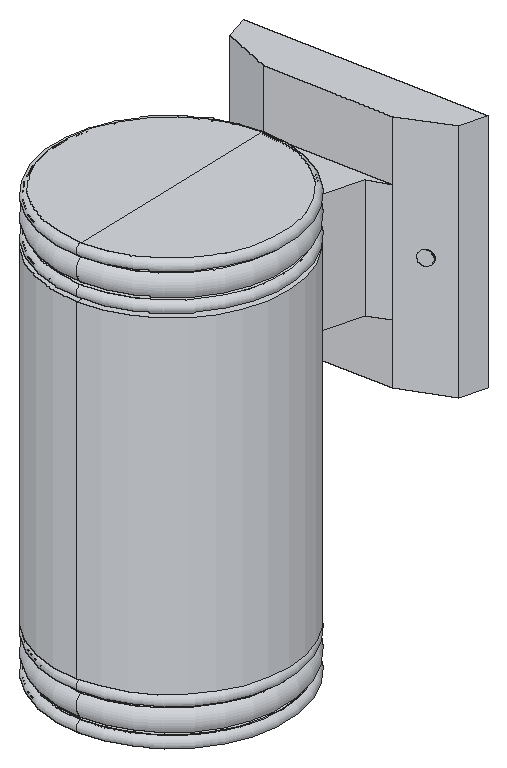
Revit family "CRD09304-BK", category Lighting Fixtures, Revit 2020
Family settings
  Round Connector Dimension = Use Diameter
  Part Type = Normal
  Work Plane-Based = No
  Always vertical = Yes
  Cut with Voids When Loaded = No
  Light Source = Yes
  Shared = No
  Room Calculation Point = No
Parameters (values of type "CRD09304-BK")
  Wattage Comments = "9W"
  Wattage = 5.18372 W
  built-in parameter 1150110 = 1 (stored number, unit not read)
  Voltage = 120 V
  URL = "www.abovealllighting.com"
  built-in parameter 1114217 = 1 (stored number, unit not read)
  Tilt Angle = 90.00°
  built-in parameter 1150109 = 1 (stored number, unit not read)
  built-in parameter 1150134 = (empty or 0)
  built-in parameter 1150113 = 1 (stored number, unit not read)
  Specification Sheet URL = "www.abovealllighting.com/Uploads/files/202305/CylinderDownWL20230512.pdf"
  Power Factor = 0.87
  Photometric Web File = "CRD09304-BK_IESNA2002.IES"
  Model = "CRD09304-BK"  # constant formula
  Manufacturer = "Above All Lighting"
  built-in parameter 1150105 = 61.275 (stored number, unit not read)
  Lumens = 770 lm
  built-in parameter 1150115 = 1 (stored number, unit not read)
  Load Classification = Lighting
  built-in parameter 1150137 = (empty or 0)
  built-in parameter 1150139 = (empty or 0)
  Life = "L70-100,000 HOURS"  # constant formula
  built-in parameter 1150112 = 1 (stored number, unit not read)
  built-in parameter 1150114 = 1 (stored number, unit not read)
  Lamp = "LED"  # constant formula
  Inside body material = none
  built-in parameter 1150132 = 2
  built-in parameter 1150102 = (empty or 0)
  built-in parameter 1150107 = 3000 (stored number, unit not read)
  built-in parameter 1150138 = (empty or 0)
  built-in parameter 1150106 = 0.61275 (stored number, unit not read)
  IES File URL = "https://www.abovealllighting.com/Uploads/files/202103/Cylinder_IES.zip"
  Fixture Height = 0' - 7 7/8"  # constant formula
  Fixture Diameter = 0' - 4 1/4"  # constant formula
  Efficiency = ""
  built-in parameter 1150104 = 13.8 (stored number, unit not read)
  Dimming Lamp Color Temperature Shift = <None>
  Dimming = "NON DIMMING"  # constant formula
  Description = "CYLINDER LED WALL LIGHT Down Light"
  Default Elevation = 0' - 0"
  Copyright = "© 2019 ABOVE ALL Lighting, Inc. All rights reserved"
  Construction Material = ""
  Color Filter = 16777215
  built-in parameter 1114216 [instance] = 1 (stored number, unit not read)
  Catalog Number = "CRD09304-BK"  # constant formula
  CRI = "80"  # constant formula
  Body Material = none
  Body Colour = "BLACK"  # constant formula
  built-in parameter 1114218 = 1 (stored number, unit not read)
  built-in parameter 1150133 = 10 (stored number, unit not read)
  Apparent Load = 10.34 VA
Reference planes (in)
  plane 1 "Center (Front/Back)": y = 0
  plane 2: z = 0
  plane 3 "Center (Left/Right)": x = 0
  plane 4 "Light Source Elevation": z = -3.5
  plane 5: z = 4.375
  plane 6: z = -3.5
  plane 7: z = 4.875
  plane 8: y = -4.375
  plane 9: y = -4.375
  plane 10: x = -2.125
  plane 11: x = 2.125
  plane 12: z = 2.1875
  plane 13: x = -1.625
  plane 14: x = 1.625
  plane 15: y = -0.70313
  plane 16: y = -0.67457
Forms (in)
  Sweep 1, solid, material <- "Body Material"
    path origin (0, 0, 0) x (1, 0, 0) y (0, 0, 1)
      loop
        line (0, 0) -> (0, 4.375)
    profile origin (0, 0, 2.1875) x (-1, 0, 0) y (0, -1, 0)
      loop
        line (2.1875, 0) -> (2.05809, 0.48296) -> (1.15844, 0.84645) -> (-1.15844, 0.84645) -> (-2.05809, 0.48296) -> (-2.1875, 0) -> (2.1875, 0)
  Sweep 2, solid, material <- "Body Material"
    path origin (0, 0, 0) x (1, 0, 0) y (0, 0, 1)
      loop
        line (0, 1.09375) -> (0, 3.28125)
    profile origin (0, 0, 2.1875) x (-1, 0, 0) y (0, -1, 0)
      loop
        line (1.15844, 0.84645) -> (0.76744, 0.98876) -> (0.39516, 2.28706)
        arc (0.39516, 2.28706) -> (0, 2.24891) -> (-0.39516, 2.28706) r 2.0655
        line (-0.39516, 2.28706) -> (-0.76744, 0.98876) -> (-1.15844, 0.84645) -> (1.15844, 0.84645)
  Revolve 3, solid, material <- "Body Material"
    sketch origin (0, 0, 0) x (0, 1, 0) y (0, 0, 1)
      loop
        line (-4.375, 4.375) -> (-6.40157, 4.375)
        arc (-6.40157, 4.375) -> (-6.5, 4.27657) -> (-6.40157, 4.17815) r 0.09843
        line (-6.40157, 4.17815) -> (-6.25082, 4.17815) -> (-6.25082, 4.141) -> (-6.40157, 4.141)
        arc (-6.40157, 4.141) -> (-6.50058, 3.93745) -> (-6.3906, 3.73962) r 0.24506
        line (-6.3906, 3.73962) -> (-6.22756, 3.73962) -> (-6.22756, 3.70247) -> (-6.40157, 3.70247)
        arc (-6.40157, 3.70247) -> (-6.5, 3.60405) -> (-6.40157, 3.50562) r 0.09843
        line (-6.40157, 3.50562) -> (-6.25082, 3.50562) -> (-6.25082, 3.46848) -> (-6.5, 3.46848) -> (-6.5, -2.59348) -> (-6.25082, -2.59348) -> (-6.25082, -2.63062) -> (-6.40157, -2.63062)
        arc (-6.40157, -2.63062) -> (-6.5, -2.72905) -> (-6.40157, -2.82747) r 0.09843
        line (-6.40157, -2.82747) -> (-6.25082, -2.82747) -> (-6.25082, -2.86462) -> (-6.40157, -2.86462)
        arc (-6.40157, -2.86462) -> (-6.50058, -3.06817) -> (-6.3906, -3.266) r 0.24506
        line (-6.3906, -3.266) -> (-6.22756, -3.266) -> (-6.22756, -3.30315) -> (-6.40157, -3.30315)
        arc (-6.40157, -3.30315) -> (-6.5, -3.40157) -> (-6.40157, -3.5) r 0.09843
        line (-6.40157, -3.5) -> (-6.18849, -3.5) -> (-6.18849, -3.46094) -> (-6.40157, -3.46094)
        arc (-6.40157, -3.46094) -> (-6.46094, -3.40157) -> (-6.40157, -3.34221) r 0.05936
        line (-6.40157, -3.34221) -> (-6.18849, -3.34221) -> (-6.18849, -3.22694) -> (-6.37831, -3.22694)
        arc (-6.37831, -3.22694) -> (-6.46152, -3.06767) -> (-6.38805, -2.90368) r 0.206
        line (-6.38805, -2.90368) -> (-6.21176, -2.90368) -> (-6.21176, -2.78841) -> (-6.40157, -2.78841)
        arc (-6.40157, -2.78841) -> (-6.46094, -2.72905) -> (-6.40157, -2.66969) r 0.05936
        line (-6.40157, -2.66969) -> (-6.21176, -2.66969) -> (-6.21176, -2.55442) -> (-6.46094, -2.55442) -> (-6.46094, 3.42942) -> (-6.21176, 3.42942) -> (-6.21176, 3.54469) -> (-6.40157, 3.54469)
        arc (-6.40157, 3.54469) -> (-6.46094, 3.60405) -> (-6.40157, 3.66341) r 0.05936
        line (-6.40157, 3.66341) -> (-6.18849, 3.66341) -> (-6.18849, 3.77868) -> (-6.37831, 3.77868)
        arc (-6.37831, 3.77868) -> (-6.46152, 3.93795) -> (-6.38805, 4.10194) r 0.206
        line (-6.38805, 4.10194) -> (-6.21176, 4.10194) -> (-6.21176, 4.21721) -> (-6.40157, 4.21721)
        arc (-6.40157, 4.21721) -> (-6.46094, 4.27657) -> (-6.40157, 4.33594) r 0.05936
        line (-6.40157, 4.33594) -> (-4.375, 4.33594) -> (-4.375, 4.375)
      axis (-4.375, -3.5) -> (-4.375, 4.375)
    angle from 0 to 360
  Extrusion 4, solid, material <- "Inside body material"
    sketch origin (0, 0, 0) x (1, 0, 0) y (0, 1, 0)
      loop
        circle (0, -4.375) r 2.01305
    from -3.5 to -3.30315
  Extrusion 5, solid, material <- "Body Material"
    sketch origin (-1.15844, -0.84645, 0) x (0, 0, 1) y (-0.927184, 0.374607, 0)
      loop
        circle (2.1875, 0.48721) r 0.12778
    from 0 to 0.02124
  Extrusion 6, solid, material <- "Body Material"
    sketch origin (2.05809, -0.48296, 0) x (0, 0, 1) y (-0.927184, -0.374607, 0)
      loop
        circle (2.1875, 0.48271) r 0.12891
    from 0 to 0.02282
Cuts and joins
  joined: Sweep 1, Sweep 2, Extrusion 5, Extrusion 6
Lines and regions (in)
  symbolic lines
    curve 1: line (0, -6.5, 0) -> (0, -2.42188, 0)
    curve 2: line (0, -6.5, 2.5) -> (0, -2.42188, 2.5)
Dimensions and locks (in)
  locked: Sweep 1 sketch curve to Sweep 1 sketch curve at 4.375
  equal spacing: Sweep 1 sketch curve, plane 3 "Center (Left/Right)", Sweep 1 sketch curve
  Sweep 1 sketch curve to Sweep 1 sketch curve = 0' - 4 3/8"
  locked: Sweep 2 sketch curve to plane 2 at 1.09375
  locked: Sweep 2 sketch curve to Sweep 2 sketch curve at 2.1875
  locked: plane 5 to plane 2 at 4.375
  "Fixture Height": plane 5 to plane 6
  locked: plane 1 "Center (Front/Back)" to plane 9 at 4.375
  equal spacing: plane 10, plane 3 "Center (Left/Right)", plane 11
  "Fixture Diameter": plane 10 to plane 11
  equal spacing: plane 5, plane 12, plane 2
  locked: plane 13 to plane 10 at 0.5
  locked: plane 11 to plane 14 at 0.5
  plane 9 to plane 15 = 0' - 3 43/64"
  locked: plane 15 to plane 16 at 0.02855
  locked: plane 12 to Extrusion 5 sketch curve
  Extrusion 5 sketch curve to plane 13 = 0' - 0.01483"
  locked: plane 14 to Extrusion 6 sketch curve at 0.01447
  locked: Extrusion 6 sketch curve to plane 12
  aligned and locked: plane 2 to level
  aligned and locked: plane 4 "Light Source Elevation" to imposter light
  aligned and locked: plane 2 to Sweep 1 sketch curve
  aligned and locked: imposter light to plane 9
  aligned and locked: Extrusion 4 to plane 4 "Light Source Elevation"
  aligned and locked: Extrusion 4 to Revolve 3
Automatic sketch dimensions
  curve 1 to plane 3 "Center (Left/Right)" = 0' - 0"
  curve 1 to plane 9 = 0' - 2 1/8"
  curve 1 to plane 15 = 0' - 1 23/32"
  plane 12 to curve 2 = 0' - 0 5/16"
  curve 2 to plane 9 = 0' - 2 1/8"
  curve 2 to plane 15 = 0' - 1 23/32"
  Sweep 1 sketch curve to plane 3 "Center (Left/Right)" = 0' - 0"
  plane 1 "Center (Front/Back)" to Sweep 1 sketch curve = 0' - 0"
  plane 1 "Center (Front/Back)" to Sweep 1 sketch curve = 0' - 0.48296"  (x2)
  Sweep 1 sketch curve to Sweep 1 sketch curve = 0' - 0.12941"  (x2)
  Sweep 1 sketch curve to Sweep 1 sketch curve = 0' - 0.89965"
  Sweep 1 sketch curve to profile plane = 0' - 1.15844"
  plane 1 "Center (Front/Back)" to Sweep 1 sketch curve = 0' - 0.84645"
  Sweep 2 sketch curve to plane 3 "Center (Left/Right)" = 0' - 0"
  Sweep 2 sketch curve to profile plane = 0' - 0"
  profile plane to Sweep 2 sketch curve = 0' - 0.39516"
  profile plane to Sweep 2 sketch curve = 0' - 0.76744"
  Sweep 2 sketch curve to Sweep 2 sketch curve = 0' - 0.391"  (x2)
  Sweep 2 sketch curve to profile plane = 0' - 0.39516"
  Sweep 2 sketch curve to profile plane = 0' - 0.76744"
  plane 1 "Center (Front/Back)" to Sweep 2 sketch curve = 0' - 0.84645"
  Sweep 2 sketch curve to Sweep 2 sketch curve = 0' - 0.14231"  (x2)
  Sweep 2 sketch curve to Sweep 2 sketch curve = 0' - 1.29831"
  Sweep 2 sketch curve to Sweep 2 sketch curve = 0' - 2 7/256"
  Revolve 3 sketch curve to Revolve 3 sketch curve = 0' - 0"  (x16)
  plane 5 to Revolve 3 sketch curve = 0' - 0"
  Revolve 3 sketch curve to plane 4 "Light Source Elevation" = 0' - 0"
  Revolve 3 sketch curve to plane 8 = 0' - 0"  (x2)
  plane 5 to Revolve 3 sketch curve = 0' - 0.59632"
  plane 8 to Revolve 3 sketch curve = 0' - 1.81349"  (x2)
  plane 4 "Light Source Elevation" to Revolve 3 sketch curve = 0' - 0 5/128"
  Revolve 3 sketch curve to Revolve 3 sketch curve = 0' - 0.02327"  (x3)
  Revolve 3 sketch curve to Revolve 3 sketch curve = 0' - 0 5/128"  (x13)
  Revolve 3 sketch curve to Revolve 3 sketch curve = 0' - 0.04385"  (x2)
  Revolve 3 sketch curve to Revolve 3 sketch curve = 0' - 0.15075"  (x2)
  Revolve 3 sketch curve to Revolve 3 sketch curve = 0' - 0.13722"  (x2)
  Revolve 3 sketch curve to Revolve 3 sketch curve = 0' - 0.01229"  (x2)
  Revolve 3 sketch curve to Revolve 3 sketch curve = 0' - 0.01098"  (x2)
  Revolve 3 sketch curve to Revolve 3 sketch curve = 0' - 0.01353"  (x2)
  Revolve 3 sketch curve to Revolve 3 sketch curve = 0' - 0.05936"  (x4)
  Revolve 3 sketch curve to Revolve 3 sketch curve = 0' - 0.03715"  (x5)
  Revolve 3 sketch curve to Revolve 3 sketch curve = 0' - 0.16547"  (x2)
  Revolve 3 sketch curve to Revolve 3 sketch curve = 0' - 0.34927"
  Revolve 3 sketch curve to Revolve 3 sketch curve = 0' - 0.07621"
  Revolve 3 sketch curve to Revolve 3 sketch curve = 0' - 0.13086"
  plane 7 to Revolve 3 sketch curve = 0' - 0.11914"
  Extrusion 4 sketch curve to plane 3 "Center (Left/Right)" = 0' - 0"
  Extrusion 4 sketch curve to plane 9 = 0' - 0"
  Extrusion 5 sketch curve to Sweep 1 = 0' - 0.48721"
  Sweep 1 to Extrusion 6 sketch curve = 0' - 0.48271"
  Sweep 1 to Extrusion 6 sketch curve = 0' - 2 3/16"
  radius of Extrusion 4 sketch curve = 0' - 2.01305"
  radius of Extrusion 5 sketch curve = 0' - 0.12778"
  radius of Extrusion 6 sketch curve = 0' - 0 33/256"
Connectors (in)
  electrical at (0, 0, 2.1875), driven by "Load Classification", driven by "Voltage", driven by "Apparent Load", driven by "Power Factor"
    settings: on Sweep 1, index 1, voltage 120 V, apparent load 0 VA, apparent load phase1 10.34 VA, apparent load phase2 0 VA, apparent load phase3 0 VA, power factor 0.87, load classification "Lighting", number of poles 1, system type 31, power factor state 1, is connector primary yes, connector utility no, sub classification motor no, connector description ""
